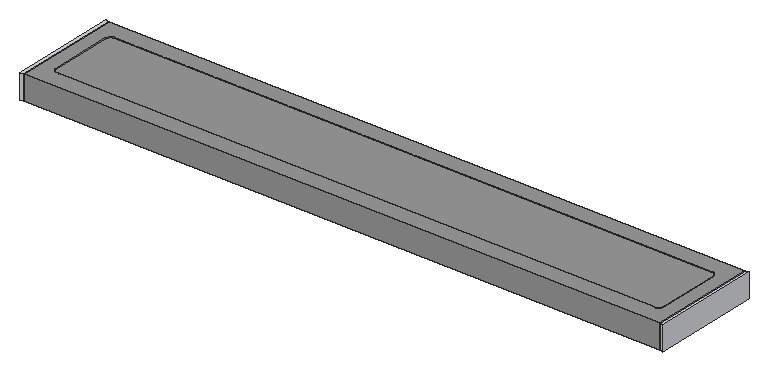
Revit family "0044085 Sylvania Lighting Fixture OPTIX S 1200 MPO D 4000K DA WHITE", category Lighting Fixtures, host Face, Revit 2016
Family settings
  Host = Face
  Part Type = Normal
  Round Connector Dimension = Use Diameter
  OmniClass Number = 23.80.70.00
  OmniClass Title = Lighting
  Cut with Voids When Loaded = No
  Light Source = Yes
  Shared = No
  Room Calculation Point = No
Parameters (values of type "0044085 OPTIX S 1200 MPO D 4K DA WHITE")
  spacer height = 5 mm
  spacer centres = 1000 mm
  lens width = 1135 mm
  full length = 1200 mm
  Width = 200 mm
  Weight = "n/a"
  Wattage Comments = ""
  Wattage = 9.2903 W
  WarrantyStartDate [instance] = "n/a"
  WarrantyGuarantorParts = "n/a"
  WarrantyDurationUnit = "n/a"
  WarrantyDurationParts = ""
  WarrantyDescription = "http://www.sylvania-lighting.com"
  built-in parameter 1150110 = 1 (stored number, unit not read)
  Voltage = 0 V
  URL = "0.98"
  TypeName = "OPTIX S 1200 MPO D 4000K DA WHITE"
  Type Image = <None>
  Type Comments = "n/a"
  built-in parameter 1114217 = 1 (stored number, unit not read)
  Tilt Angle = 90.00°
  built-in parameter 1150109 = 1 (stored number, unit not read)
  built-in parameter 1150134 = 3
  built-in parameter 1150113 = 1 (stored number, unit not read)
  SerialNumber [instance] = "n/a"
  Photometric Web File = "0044085.ies"
  Material_3_FEILO = none
  PowerFactor = 0
  PowerConsumption = "Lighting"
  NominalLength = 200 mm
  NominalHeight = 0 mm
  NominalDepth = 0 mm
  Name = "OPTIX S 1200 MPO D 4000K DA WHITE"
  ModelReference = Name  # "OPTIX S 1200 MPO D 4000K DA WHITE"
  ModelNumber = "0044085"
  Model = Name  # "OPTIX S 1200 MPO D 4000K DA WHITE"
  Material = "Feilo Sylvania"
  ManufacturerName = "124 lm/W"
  Manufacturer = ""
  LuminousEfficacy = ""
  built-in parameter 1150105 = 109.82 (stored number, unit not read)
  Lumens = 1380 lm
  LuminaireType = "0"
  built-in parameter 1150115 = 1 (stored number, unit not read)
  LightOutputRatio = "LED"
  built-in parameter 1150137 = (empty or 0)
  built-in parameter 1150139 = (empty or 0)
  Lens Width = 135 mm
  Length = 1188 mm
  LampsType = Lamp  # "n/a"
  LampNominalLuminous = "4000 K"
  LampMacAdamStep = "80"
  LampColourTemperature = "LED"
  LampColourRenderingIndex = "16500"
  built-in parameter 1150112 = 1 (stored number, unit not read)
  built-in parameter 1150114 = 1 (stored number, unit not read)
  Lamp = "n/a"
  Keynote = "n/a"
  InstallationDate [instance] = "n/a"
  InputVoltage = "0"
  InputNominalFrequency = "4000"
  built-in parameter 1150132 = (empty or 0)
  built-in parameter 1150102 = (empty or 0)
  built-in parameter 1150107 = 3200 (stored number, unit not read)
  built-in parameter 1150138 = (empty or 0)
  IngressProtection = "IfcLightFixtureType"
  ImpactProtectionIndex = "IfcLightFixtureType"
  built-in parameter 1150106 = 1.0982 (stored number, unit not read)
  IfcExportType = "IfcLightFixtureType"
  IfcExportAs = "Class I"
  Height = 50 mm
  ExpectedLife = 50000
  Emit from Circle Diameter = 609.6 mm
  Emit Shape Visible in Rendering = no
  ElectricShockClassification = "124"
  built-in parameter 1150104 = 13.8 (stored number, unit not read)
  DurationUnit = "hours"
  DocumentationLiterature = "http://www.sylvania-lighting.com/product/en-int/products/0044085"
  DimmingControlOptions = "n/a"
  Material_2_FEILO = none
  Dimming Lamp Color Temperature Shift = <None>
  Description = "OPTIX S 1200 MPO D 4K DA WHITE is a high efficacy low glare surface or suspended LED Linear luminaire with Micro Prismatic Optic, with direct light distribution, luminaire dimensions: 1200x200x50mm, Sylvania White body colour (RAL9016), IP20, IK07, DALI Dimmable, low LED flicker (+/-5%), Neutral White (4000K) LED Colour Temperature, 2863lm luminous flux, 24W power consumption, 119lm/W system efficacy, CRI>80, SDCM 3 (3-step MacAdam ellipse) LED Colour Consistency, UGR<19, Luminance at 65° < 3000 cd/m2, lumen maintenance: L90B50 at 60000h, photobiological safety risk group 1. Electrical protection Class I."
  Default Elevation = 1219.2 mm
  CreatedOn = "20/10/2020"
  CreatedBy = "@sylvania-lighting.com"
  Cost = 0
  Color Filter = 16777215
  built-in parameter 1114216 [instance] = (empty or 0)
  ClassificationValue = "EF_70_80"
  ClassificationName = "Uniclass2015"
  Material_1_FEILO = none
  BarCode [instance] = "n/a"
  built-in parameter 1114218 = 1 (stored number, unit not read)
  built-in parameter 1150133 = 10 (stored number, unit not read)
  AssetType = "Fixed"
  AssetIdentifier [instance] = "n/a"
  Assembly Code = "D5020200"
  Apparent Load = 23 VA
  Material_4_FEILO = none
Reference planes
  plane 1 "Center (Front/Back)": y = 0
  plane 2: z = 0
  plane 3 "Center (Left/Right)": x = 0
  plane 4: z = 0
  plane 5: z = 50
  plane 6: y = 100
  plane 7: y = -100
  plane 8: x = -594
  plane 9: x = 594
  plane 10: z = 5
  plane 11: x = -500
  plane 12: x = 500
  plane 13: y = 10
  plane 14: y = -10
  plane 15: x = 487.5
  plane 16: x = 512.5
  plane 17: x = -512.5
  plane 18: x = -487.5
  plane 19: x = -567.5
  plane 20: x = 567.5
  plane 21: y = 67.5
  plane 22: y = -67.5
  plane 23: x = -557.5
  plane 24: y = 57.5
  plane 25: y = -57.5
  plane 26: x = 557.5
  plane 27: x = -600
  plane 28: x = 600
Forms (mm)
  Extrusion 1, solid, material "Aluminum 1100-H18", detail levels medium+fine
    sketch origin (4.2, 0, 0) x (1, 0, 0) y (0, 1, 0)
      loop
        line (-598.2, 100) -> (-598.2, -100) -> (589.8, -100) -> (589.8, 100) -> (-598.2, 100)
    from 5 to 50
  Extrusion 2, solid
    sketch origin (4.2, 0, 0) x (1, 0, 0) y (0, 1, 0)
      loop
        line (483.3, 10) -> (483.3, -10) -> (508.3, -10) -> (508.3, 10) -> (483.3, 10)
    from 0 to 5
  Extrusion 3, solid
    sketch origin (4.2, 0, 0) x (1, 0, 0) y (0, 1, 0)
      loop
        line (-516.7, 10) -> (-516.7, -10) -> (-491.7, -10) -> (-491.7, 10) -> (-516.7, 10)
    from 0 to 5
  Extrusion 4, void, detail levels fine
    sketch origin (4.2, 0, 0) x (0, 1, 0) y (1, 0, 0)
      loop
        line (67.5, -561.7) -> (67.5, 553.3)
        arc (67.5, 553.3) -> (64.571, 560.371) -> (57.5, 563.3) r 10
        line (57.5, 563.3) -> (-57.5, 563.3)
        arc (-57.5, 563.3) -> (-64.571, 560.371) -> (-67.5, 553.3) r 10
        line (-67.5, 553.3) -> (-67.5, -561.7)
        arc (-67.5, -561.7) -> (-64.571, -568.771) -> (-57.5, -571.7) r 10
        line (-57.5, -571.7) -> (57.5, -571.7)
        arc (57.5, -571.7) -> (64.571, -568.771) -> (67.5, -561.7) r 10
    from -50 to -48
  Extrusion 5, solid, detail levels medium+fine
    sketch origin (4.2, 0, 0) x (1, 0, 0) y (0, 1, 0)
      loop
        line (-604.2, 100) -> (-604.2, -100) -> (-598.2, -100) -> (-598.2, 100) -> (-604.2, 100)
    from 5 to 50
  Extrusion 6, solid, detail levels medium+fine
    sketch origin (4.2, 0, 0) x (1, 0, 0) y (0, 1, 0)
      loop
        line (589.8, 100) -> (589.8, -100) -> (595.8, -100) -> (595.8, 100) -> (589.8, 100)
    from 5 to 50
  Extrusion 7, solid, material "Glass, White, High Luminance", detail levels fine
    sketch origin (4.2, 0, 0) x (1, 0, 0) y (0, 1, 0)
      loop
        arc (-561.7, 67.5) -> (-568.771, 64.571) -> (-571.7, 57.5) r 10
        line (-571.7, 57.5) -> (-571.7, -57.5)
        arc (-571.7, -57.5) -> (-568.771, -64.571) -> (-561.7, -67.5) r 10
        line (-561.7, -67.5) -> (553.3, -67.5)
        arc (553.3, -67.5) -> (560.371, -64.571) -> (563.3, -57.5) r 10
        line (563.3, -57.5) -> (563.3, 57.5)
        arc (563.3, 57.5) -> (560.371, 64.571) -> (553.3, 67.5) r 10
        line (553.3, 67.5) -> (-561.7, 67.5)
    from 48 to 49.5
  Extrusion 8, solid, detail levels coarse
    sketch origin (4.2, 0, 0) x (1, 0, 0) y (0, 1, 0)
      loop
        line (-604.2, 100) -> (-604.2, -100) -> (595.8, -100) -> (595.8, 100) -> (-604.2, 100)
    from 0 to 50
Cuts and joins
  Extrusion 4 cuts Extrusion 2
  Extrusion 4 cuts Extrusion 3
  Extrusion 4 cuts Extrusion 1
Dimensions and locks
  "Width": plane 6 to plane 7
  equal spacing: plane 6, plane 1 "Center (Front/Back)", plane 7
  "Length": plane 8 to plane 9
  equal spacing: plane 8, plane 3 "Center (Left/Right)", plane 9
  "spacer height": plane 10 to host face
  "Height": plane 5 to level
  "spacer centres": plane 11 to plane 12
  equal spacing: plane 11, plane 3 "Center (Left/Right)", plane 12
  "lens width": plane 19 to plane 20
  equal spacing: plane 19, plane 3 "Center (Left/Right)", plane 20
  "Lens Width": plane 21 to plane 22
  equal spacing: plane 21, plane 1 "Center (Front/Back)", plane 22
  "full length": plane 27 to plane 28
  equal spacing: plane 27, plane 3 "Center (Left/Right)", plane 28
  aligned and locked: plane 2 to host face
  aligned and locked: level to host face
Automatic sketch dimensions
  host sketch curve to host sketch curve = 2438.4 mm  (x2)
  Extrusion 1 sketch curve to plane 7 = 0 mm
  Extrusion 1 sketch curve to plane 8 = 0 mm
  Extrusion 1 sketch curve to plane 9 = 0 mm
  Extrusion 1 sketch curve to plane 6 = 0 mm
  Extrusion 2 sketch curve to plane 14 = 0 mm
  Extrusion 2 sketch curve to plane 15 = 0 mm
  Extrusion 2 sketch curve to plane 16 = 0 mm
  Extrusion 2 sketch curve to plane 13 = 0 mm
  Extrusion 3 sketch curve to plane 14 = 0 mm
  Extrusion 3 sketch curve to plane 17 = 0 mm
  Extrusion 3 sketch curve to plane 18 = 0 mm
  Extrusion 3 sketch curve to plane 13 = 0 mm
  Extrusion 4 sketch curve to plane 22 = 0 mm
  Extrusion 4 sketch curve to plane 19 = 0 mm
  Extrusion 4 sketch curve to plane 25 = 0 mm  (x2)
  Extrusion 4 sketch curve to plane 20 = 0 mm
  Extrusion 4 sketch curve to plane 24 = 0 mm  (x2)
  Extrusion 4 sketch curve to plane 23 = 0 mm
  Extrusion 5 sketch curve to plane 7 = 0 mm
  Extrusion 5 sketch curve to plane 27 = 0 mm
  Extrusion 5 sketch curve to plane 8 = 0 mm
  Extrusion 5 sketch curve to plane 6 = 0 mm
  Extrusion 6 sketch curve to plane 7 = 0 mm
  Extrusion 6 sketch curve to plane 9 = 0 mm
  Extrusion 6 sketch curve to plane 28 = 0 mm
  Extrusion 6 sketch curve to plane 6 = 0 mm
  Extrusion 7 sketch curve to plane 23 = 0 mm  (x2)
  Extrusion 7 sketch curve to plane 21 = 0 mm
  Extrusion 7 sketch curve to plane 22 = 0 mm
  Extrusion 7 sketch curve to plane 26 = 0 mm  (x2)
  Extrusion 7 sketch curve to plane 20 = 0 mm
  Extrusion 7 sketch curve to plane 24 = 0 mm
  Extrusion 8 sketch curve to plane 7 = 0 mm
  Extrusion 8 sketch curve to plane 27 = 0 mm
  Extrusion 8 sketch curve to plane 28 = 0 mm
  Extrusion 8 sketch curve to plane 6 = 0 mm
Connectors
  electrical at (0, 0, 0), driven by "Apparent Load", driven by "PowerFactor", driven by "Voltage"
    settings: index 1, voltage 0 V, apparent load 23 VA, apparent load phase1 0 VA, apparent load phase2 0 VA, apparent load phase3 0 VA, power factor 0, load classification "Lighting", number of poles 1, system type 30, power factor state 1, is connector primary yes, connector utility no, sub classification motor no, connector description ""
